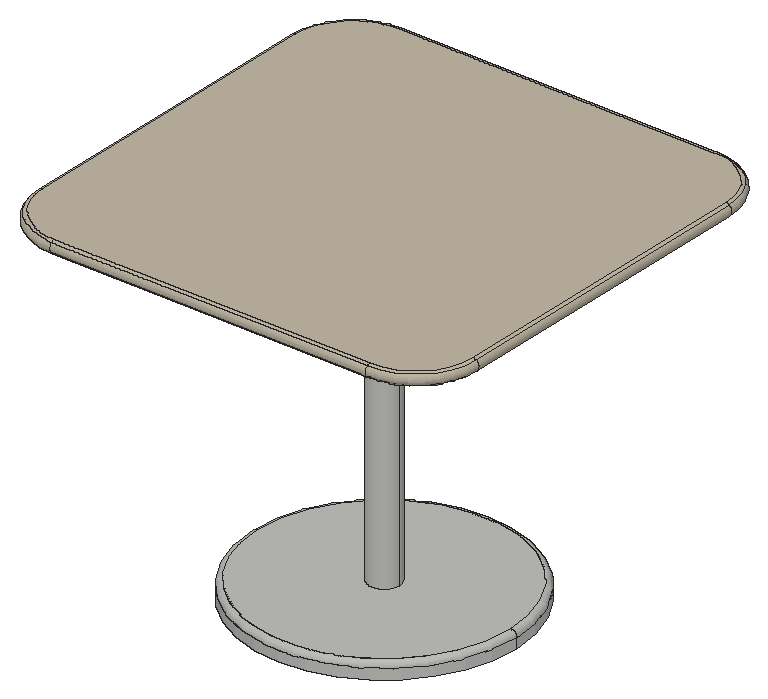
Revit family "revitupgrade", category Furniture, Revit 2025
Family settings
  OmniClass Number = 23.40.70.14.64.11
  OmniClass Title = Office Furniture
  Work Plane-Based = No
  Enable Cutting in Views = No
  Always vertical = Yes
  Cut with Voids When Loaded = No
  Render Appearance Source = Family Geometry
  Shared = No
  Room Calculation Point = No
Parameters (values of type "Grey Frame")
  URL = "https://www.steelcase.com"
  Top Finish = m.a.d. - Natural Ash
  Style Number(s) = "MD4SOCIALSQCT"  # constant formula
  Release Date = "May 2024"  # constant formula
  Manufacturer = "M.A.D."  # constant formula
  Frame Finish = m.a..d - Dove Grey
  Description = "Square Café Table"  # constant formula
  Default Elevation = 0.00 mm
  Copyright = "© 2010 Steelcase Inc."  # constant formula
  Assembly Code = "E2020200"
Types (2, lengths in mm): name | URL | Frame Finish
  White Frame | "https://www.steelcase.com/asia-en/m-a-d/" | m.a.d_Metal_White
  Grey Frame | "https://www.steelcase.com" | m.a..d - Dove Grey
Reference planes
  plane 1 "Center Front/Back": y = 0
  plane 2 "Bottom": z = 0
  plane 3 "Center Left/Right": x = 0
  plane 4: z = 32.936
  plane 5: z = 719.606
  plane 6: z = 745.006
  plane 7: x = -457.2
  plane 8: x = 457.2
  plane 9: y = 457.26
  plane 10: y = -457.26
Forms (mm)
  Extrusion 1, solid, material "m.a.d. - Natural Ash" <- "Top Finish"
    sketch origin (0, 0, 0) x (1, 0, 0) y (0, 1, 0)
      loop
        arc (-327.2, 432.26) -> (-401.447, 401.506) -> (-432.2, 327.26) r 105
        line (-432.2, 327.26) -> (-432.2, -327.14)
        arc (-432.2, -327.14) -> (-401.447, -401.387) -> (-327.2, -432.14) r 105
        line (-327.2, -432.14) -> (327.2, -432.14)
        arc (327.2, -432.14) -> (401.446, -401.387) -> (432.2, -327.14) r 105
        line (432.2, -327.14) -> (432.2, 327.26)
        arc (432.2, 327.26) -> (401.446, 401.506) -> (327.2, 432.26) r 105
        line (327.2, 432.26) -> (-327.2, 432.26)
    from 719.606 to 745.006
  Sweep 2, solid, material "m.a.d. - Natural Ash" <- "Top Finish"
    path in 3D
      loop
        arc (-432.2, -327.14, 745.006) -> (-401.447, -401.387, 745.006) -> (-327.2, -432.14, 745.006) r 105
        line (-327.2, -432.14, 745.006) -> (327.2, -432.14, 745.006)
        arc (327.2, -432.14, 745.006) -> (401.446, -401.387, 745.006) -> (432.2, -327.14, 745.006) r 105
        line (432.2, -327.14, 745.006) -> (432.2, 327.26, 745.006)
        arc (432.2, 327.26, 745.006) -> (401.446, 401.506, 745.006) -> (327.2, 432.26, 745.006) r 105
        line (327.2, 432.26, 745.006) -> (-327.2, 432.26, 745.006)
        arc (-327.2, 432.26, 745.006) -> (-401.447, 401.506, 745.006) -> (-432.2, 327.26, 745.006) r 105
        line (-432.2, 327.26, 745.006) -> (-432.2, -327.14, 745.006)
    profile origin (-432.2, 0.06, 745.006) x (1, 0, 0) y (0, 0, 1)
      loop
        line (0, 0) -> (-13.79, 0)
        arc (-13.79, 0) -> (-17.351, -0.655) -> (-20.445, -2.536) r 10
        arc (-20.445, -2.536) -> (-25, -12.7) -> (-20.445, -22.864) r 13.617
        arc (-20.445, -22.864) -> (-17.351, -24.745) -> (-13.79, -25.4) r 10
        line (-13.79, -25.4) -> (0, -25.4) -> (0, 0)
  Extrusion 3, solid, material "m.a..d - Dove Grey" <- "Frame Finish"
    sketch origin (0, 0, 0) x (1, 0, 0) y (0, 1, 0)
      loop
        circle (0, 0) r 32.059
    from 32.936 to 719.606
  Extrusion 4, solid, material "m.a..d - Dove Grey" <- "Frame Finish"
    sketch origin (0, 0, 0) x (1, 0, 0) y (0, 1, 0)
      loop
        circle (0, 0) r 253.206
    from 0 to 32.936
  Sweep 5, solid, material "m.a..d - Dove Grey" <- "Frame Finish"
    path in 3D
      loop
        arc (-253.206, 0, 32.936) -> (0, 253.206, 32.936) -> (253.206, 0, 32.936) r 253.206
        arc (253.206, 0, 32.936) -> (0, -253.206, 32.936) -> (-253.206, 0, 32.936) r 253.206
    profile origin (0, -253.206, 32.936) x (0, -1, 0) y (0, 0, 1)
      loop
        line (0, -32.936) -> (20.576, -32.936) -> (20.576, -12)
        arc (20.576, -12) -> (17.061, -3.515) -> (8.576, 0) r 12
        line (8.576, 0) -> (0, 0) -> (0, -32.936)
Cuts and joins
  joined: Extrusion 1, Sweep 2
  joined: Extrusion 4, Sweep 5
Lines and regions (mm)
  Masking region 1
    outline origin (0, 0, 0) x (1, 0, 0) y (0, 1, 0)
      loop
        arc (-327.2, 457.26) -> (-419.124, 419.183) -> (-457.2, 327.26) r 130
        line (-457.2, 327.26) -> (-457.2, -327.26)
        arc (-457.2, -327.26) -> (-419.124, -419.183) -> (-327.2, -457.26) r 130
        line (-327.2, -457.26) -> (327.2, -457.26)
        arc (327.2, -457.26) -> (419.124, -419.183) -> (457.2, -327.26) r 130
        line (457.2, -327.26) -> (457.2, 327.26)
        arc (457.2, 327.26) -> (419.124, 419.183) -> (327.2, 457.26) r 130
        line (327.2, 457.26) -> (-327.2, 457.26)
  sketch lines
    curve 1: line (-432.2, 327.26, 745.006) -> (-432.2, -327.14, 745.006)
    curve 2: arc (-432.2, 327.26, 745.006) -> (-401.447, 401.506, 745.006) -> (-327.2, 432.26, 745.006) r 105
    curve 3: line (327.2, 432.26, 745.006) -> (-327.2, 432.26, 745.006)
    curve 4: arc (327.2, 432.26, 745.006) -> (401.446, 401.506, 745.006) -> (432.2, 327.26, 745.006) r 105
    curve 5: line (432.2, -327.14, 745.006) -> (432.2, 327.26, 745.006)
    curve 6: arc (432.2, -327.14, 745.006) -> (401.446, -401.387, 745.006) -> (327.2, -432.14, 745.006) r 105
    curve 7: line (-327.2, -432.14, 745.006) -> (327.2, -432.14, 745.006)
    curve 8: arc (-327.2, -432.14, 745.006) -> (-401.447, -401.387, 745.006) -> (-432.2, -327.14, 745.006) r 105
    curve 9: arc (253.206, 0, 32.936) -> (0, -253.206, 32.936) -> (-253.206, 0, 32.936) r 253.206
    curve 10: arc (-253.206, 0, 32.936) -> (0, 253.206, 32.936) -> (253.206, 0, 32.936) r 253.206
Dimensions and locks
  aligned and locked: plane 2 "Bottom" to level
  aligned and locked: plane 5 to Extrusion 1
  aligned and locked: Extrusion 1 to plane 6
  aligned and locked: plane 7 to Masking region 1 sketch curve
  aligned and locked: plane 9 to Masking region 1 sketch curve
  aligned and locked: plane 8 to Masking region 1 sketch curve
  aligned and locked: plane 10 to Masking region 1 sketch curve
